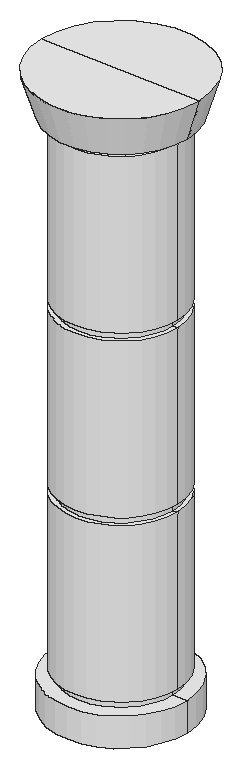
Revit family "Metal Clad Column", category 기둥, Revit 2026
Family settings
  로드될 때 보이드를 사용하여 절단 = 아니오
  자동으로 형상을 벽에 결합합니다 = 예
  공유 = 아니오
  평면도에서 미리 절단된 패밀리 표시 = 예
Parameters (values of type "600mm Diameter")
  키노트 = "G"
  Base = 152.00 mm
  Capital = 203.00 mm
  Diameter = 600.00 mm
  Material = Metal - Aluminum
  Joint Depth = 25.00 mm
  Joint Width = 38.00 mm
  Offset base level = 0.00 mm
  Offset top level = 0.00 mm
Reference planes
  plane 1: y = 0
  plane 2: z = 0
  plane 3: x = 0
  plane 4: x = -300
  plane 5: x = 300
  plane 6: y = 300
  plane 7: y = -300
  plane 8: z = 152
  plane 9: z = 171
  plane 10: z = 190
  plane 11: z = 2778
  plane 12: z = 2797
  plane 13: z = 2759
  plane 14: z = 1909
  plane 15: z = 1040
  plane 16: z = 3000
  plane 17: z = 0
Forms (mm)
  Revolve 1, solid, material "Metal - Aluminum" <- "Material"
    sketch origin (0, 0, 0) x (1, 0, 0) y (0, 0, 1)
      loop
        line (0, 0) -> (-350.8, 0) -> (-350.8, 152) -> (-275, 152) -> (-275, 190) -> (-300, 190) -> (-300, 1021) -> (-275, 1021) -> (-275, 1059) -> (-300, 1059) -> (-300, 1890) -> (-275, 1890) -> (-275, 1928) -> (-300, 1928) -> (-300, 2759) -> (-275, 2759) -> (-275, 2797) -> (-350.8, 2797) -> (-414.3, 3000) -> (0, 3000)
      axis (0, 3000) -> (0, 0)
    angle from 0 to 360
Lines and regions (mm)
  symbolic lines, style "Columns"
    curve 1: arc (-275, 0, 0) -> (0, 275, 0) -> (275, 0, 0) r 275
    curve 2: arc (275, 0, 0) -> (0, -275, 0) -> (-275, 0, 0) r 275
    curve 3: arc (-300, 0, 0) -> (0, 300, 0) -> (300, 0, 0) r 300
    curve 4: arc (300, 0, 0) -> (0, -300, 0) -> (-300, 0, 0) r 300
  symbolic lines
    curve 5: arc (-350.8, 0, 0) -> (0, 350.8, 0) -> (350.8, 0, 0) r 350.8
    curve 6: arc (350.8, 0, 0) -> (0, -350.8, 0) -> (-350.8, 0, 0) r 350.8
Dimensions and locks
  equal spacing: plane 4, plane 3, plane 5
  equal spacing: plane 7, plane 1, plane 6
  "Diameter": plane 4 to plane 5
  "Diameter": plane 7 to plane 6
  equal spacing: plane 12, plane 11, plane 13
  equal spacing: plane 10, plane 9, plane 8
  equal spacing: plane 11, plane 14, plane 15, plane 9
  "Joint Width": plane 12 to plane 13
  equal spacing: Revolve 1 sketch curve, plane 14, Revolve 1 sketch curve
  "Joint Width": Revolve 1 sketch curve to Revolve 1 sketch curve  (x2)
  equal spacing: Revolve 1 sketch curve, plane 15, Revolve 1 sketch curve
  "Joint Width": plane 10 to plane 8
  "Joint Depth": plane 4 to Revolve 1 sketch curve  (x4)
  "Offset base level": plane 17 to level
  "Offset top level": level to plane 16
  "Base": plane 8 to plane 17
  "Capital": plane 16 to plane 12
  aligned and locked: plane 17 to Revolve 1 sketch curve
  aligned and locked: Revolve 1 sketch curve to plane 16
  aligned and locked: curve 1 to Revolve 1
  aligned and locked: curve 3 to Revolve 1
  aligned and locked: curve 5 to Revolve 1
Automatic sketch dimensions
  Revolve 1 sketch curve to plane 8 = 0.00 mm
  Revolve 1 sketch curve to plane 12 = 0.00 mm
  Revolve 1 sketch curve to plane 4 = 0.00 mm  (x3)
  Revolve 1 sketch curve to plane 13 = 0.00 mm
  Revolve 1 sketch curve to plane 10 = 0.00 mm
  Revolve 1 sketch curve to plane 3 = 0.00 mm
  plane 4 to Revolve 1 sketch curve = 114.30 mm
  plane 4 to Revolve 1 sketch curve = 50.80 mm  (x2)
